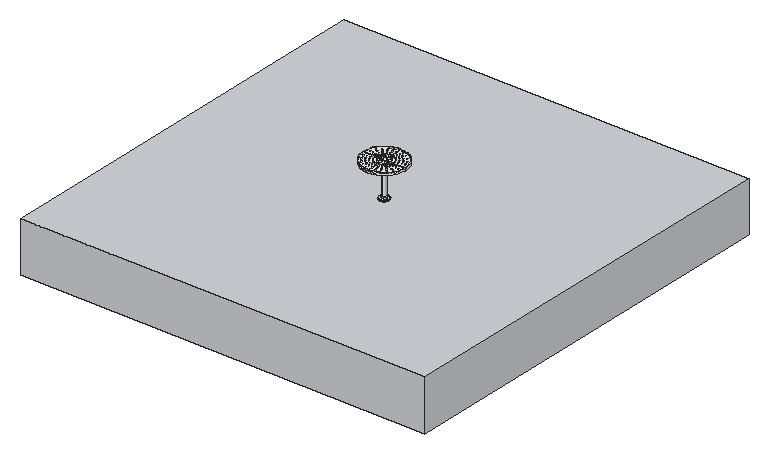
Revit family (continued)
Definition of nested family "13689_Base"
  Automatic sketch dimensions
    Masking region 2 sketch curve to plane 8 "Front" = 0' - 0.48926"  (x2)
    Masking region 2 sketch curve to plane 8 "Front" = 0' - 0.04644"
    level to curve 21 = 0' - 0.02022"
    plane 1 "Center (Front/Back)" to curve 21 = 0' - 0.49543"
    plane 1 "Center (Front/Back)" to curve 22 = 0' - 0.49532"
    curve 22 to plane 1 "Center (Front/Back)" = 0' - 0.49532"
    curve 21 to plane 1 "Center (Front/Back)" = 0' - 0.49543"
    curve 21 to curve 22 = 0' - 0.7319"
    Masking region 3 sketch curve to plane 4 "Left" = 0' - 0"
    Masking region 3 sketch curve to plane 5 "Right" = 0' - 0"
    Masking region 3 sketch curve to plane 7 "Bottom" = 0' - 0"
    Masking region 3 sketch curve to plane 6 "Top" = 0' - 0"
    plane 7 "Bottom" to Masking region 2 sketch curve = 0' - 0.03008"
    Masking region 4 sketch curve to Masking region 4 sketch curve = 0' - 0"  (x2)
    plane 1 "Center (Front/Back)" to Masking region 4 sketch curve = 0' - 0"
    Masking region 4 sketch curve to plane 4 "Left" = 0' - 0"
    Masking region 4 sketch curve to plane 3 "Center (Left/Right)" = 0' - 0"
    Extrusion 2 sketch curve to Extrusion 2 sketch curve = 0' - 0"  (x240)
    plane 1 "Center (Front/Back)" to Extrusion 2 sketch curve = 0' - 0"  (x12)
    Extrusion 2 sketch curve to plane 3 "Center (Left/Right)" = 0' - 0"  (x12)
    plane 3 "Center (Left/Right)" to Extrusion 2 sketch curve = 0' - 0.46361"  (x2)
    Extrusion 2 sketch curve to Extrusion 2 sketch curve = 0' - 0.04146"  (x72)
    plane 3 "Center (Left/Right)" to Extrusion 2 sketch curve = 0' - 0.53944"  (x2)
    Extrusion 2 sketch curve to Extrusion 2 sketch curve = 0' - 0.01518"  (x48)
    Extrusion 2 sketch curve to Extrusion 2 sketch curve = 0' - 0.19203"  (x4)
    Extrusion 2 sketch curve to Extrusion 2 sketch curve = 0' - 0.13843"  (x8)
    Extrusion 2 sketch curve to Extrusion 2 sketch curve = 0' - 0.02932"  (x60)
    Extrusion 2 sketch curve to Extrusion 2 sketch curve = 0' - 0.05864"  (x24)
    Extrusion 2 sketch curve to Extrusion 2 sketch curve = 0' - 0.15452"  (x24)
    Extrusion 2 sketch curve to Extrusion 2 sketch curve = 0' - 0.28372"  (x8)
    Extrusion 2 sketch curve to Extrusion 2 sketch curve = 0' - 0.50267"  (x8)
    Extrusion 2 sketch curve to Extrusion 2 sketch curve = 0' - 0.21771"  (x8)
    Extrusion 2 sketch curve to Extrusion 2 sketch curve = 0' - 0 13/256"  (x60)
    Extrusion 2 sketch curve to Extrusion 2 sketch curve = 0' - 0.59701"  (x16)
    Extrusion 2 sketch curve to Extrusion 2 sketch curve = 0' - 0.2985"  (x24)
    Extrusion 2 sketch curve to Extrusion 2 sketch curve = 0' - 0.43166"  (x8)
    Extrusion 2 sketch curve to Extrusion 2 sketch curve = 0' - 0.33122"  (x8)
    Extrusion 2 sketch curve to Extrusion 2 sketch curve = 0' - 0.42215"  (x24)
    Extrusion 2 sketch curve to Extrusion 2 sketch curve = 0' - 0.20821"  (x8)
    Extrusion 2 sketch curve to Extrusion 2 sketch curve = 0' - 0.05664"  (x48)
    Extrusion 2 sketch curve to Extrusion 2 sketch curve = 0' - 0.07102"  (x4)
    Extrusion 2 sketch curve to Extrusion 2 sketch curve = 0' - 0.51702"  (x24)
    Extrusion 2 sketch curve to Extrusion 2 sketch curve = 0' - 0.57667"  (x24)
    Extrusion 2 sketch curve to plane 3 "Center (Left/Right)" = 0' - 0.46361"  (x2)
    Extrusion 2 sketch curve to plane 3 "Center (Left/Right)" = 0' - 0.53944"  (x2)
    Extrusion 2 sketch curve to plane 1 "Center (Front/Back)" = 0' - 0.46361"  (x2)
    Extrusion 2 sketch curve to plane 1 "Center (Front/Back)" = 0' - 0.53944"  (x2)
    plane 1 "Center (Front/Back)" to Extrusion 2 sketch curve = 0' - 0.46361"  (x2)
    plane 1 "Center (Front/Back)" to Extrusion 2 sketch curve = 0' - 0.53944"  (x2)
    curve 27 to curve 28 = 0' - 0"  (x2)
    curve 29 to curve 30 = 0' - 0"  (x2)
    curve 31 to curve 32 = 0' - 0"  (x2)
    curve 33 to curve 34 = 0' - 0"  (x2)
    curve 35 to curve 36 = 0' - 0"  (x2)
    curve 37 to curve 38 = 0' - 0"  (x2)
    curve 39 to curve 40 = 0' - 0"  (x2)
    curve 41 to curve 42 = 0' - 0"  (x2)
    curve 43 to curve 44 = 0' - 0"  (x2)
    curve 45 to curve 46 = 0' - 0"  (x2)
    curve 47 to curve 48 = 0' - 0"  (x2)
    curve 49 to curve 50 = 0' - 0"  (x2)
    curve 51 to curve 52 = 0' - 0"  (x2)
    curve 53 to curve 54 = 0' - 0"  (x2)
    curve 55 to curve 56 = 0' - 0"  (x2)
    curve 57 to curve 58 = 0' - 0"  (x2)
    curve 59 to curve 60 = 0' - 0"  (x2)
    curve 61 to curve 62 = 0' - 0"  (x2)
    curve 63 to curve 64 = 0' - 0"  (x2)
    curve 65 to curve 66 = 0' - 0"  (x2)
    curve 67 to curve 68 = 0' - 0"  (x2)
    curve 69 to curve 70 = 0' - 0"  (x2)
    curve 71 to curve 72 = 0' - 0"  (x2)
    curve 73 to curve 74 = 0' - 0"  (x2)
    curve 75 to curve 76 = 0' - 0"  (x2)
    curve 77 to curve 78 = 0' - 0"  (x2)
    curve 79 to curve 80 = 0' - 0"  (x2)
    curve 81 to curve 82 = 0' - 0"  (x2)
    curve 83 to curve 84 = 0' - 0"  (x2)
    curve 85 to curve 86 = 0' - 0"  (x2)
    curve 87 to curve 88 = 0' - 0"  (x2)
    curve 89 to curve 90 = 0' - 0"  (x2)
    curve 91 to curve 92 = 0' - 0"  (x2)
    curve 93 to curve 94 = 0' - 0"  (x2)
    curve 95 to curve 96 = 0' - 0"  (x2)
    curve 97 to curve 98 = 0' - 0"  (x2)
    curve 99 to curve 100 = 0' - 0"  (x2)
    curve 101 to curve 102 = 0' - 0"  (x2)
    curve 103 to curve 104 = 0' - 0"  (x2)
    curve 105 to curve 106 = 0' - 0"  (x2)
    curve 107 to curve 108 = 0' - 0"  (x2)
    curve 109 to curve 110 = 0' - 0"  (x2)
    curve 111 to curve 112 = 0' - 0"  (x2)
    curve 113 to curve 114 = 0' - 0"  (x2)
    curve 115 to curve 116 = 0' - 0"  (x2)
    curve 117 to curve 118 = 0' - 0"  (x2)
    curve 119 to curve 120 = 0' - 0"  (x2)
    curve 121 to curve 122 = 0' - 0"  (x2)
    curve 123 to curve 124 = 0' - 0"  (x2)
    curve 125 to curve 126 = 0' - 0"  (x2)
    curve 127 to curve 128 = 0' - 0"  (x2)
    curve 129 to curve 130 = 0' - 0"  (x2)
    curve 131 to curve 132 = 0' - 0"  (x2)
    curve 133 to curve 134 = 0' - 0"  (x2)
    curve 135 to curve 136 = 0' - 0"  (x2)
    curve 137 to curve 138 = 0' - 0"  (x2)
    curve 139 to curve 140 = 0' - 0"  (x2)
    curve 141 to curve 142 = 0' - 0"  (x2)
    curve 143 to curve 144 = 0' - 0"  (x2)
    curve 145 to curve 146 = 0' - 0"  (x2)
    curve 147 to curve 148 = 0' - 0"  (x2)
    curve 149 to curve 150 = 0' - 0"  (x2)
    curve 151 to curve 152 = 0' - 0"  (x2)
    curve 153 to curve 154 = 0' - 0"  (x2)
    curve 155 to curve 156 = 0' - 0"  (x2)
    curve 157 to curve 158 = 0' - 0"  (x2)
    curve 159 to curve 160 = 0' - 0"  (x2)
    curve 161 to curve 162 = 0' - 0"  (x2)
    curve 163 to curve 164 = 0' - 0"  (x2)
    curve 165 to curve 166 = 0' - 0"  (x2)
    curve 167 to curve 168 = 0' - 0"  (x2)
    curve 169 to curve 170 = 0' - 0"  (x2)
    curve 171 to curve 172 = 0' - 0"  (x2)
    curve 173 to curve 174 = 0' - 0"  (x2)
    curve 175 to curve 176 = 0' - 0"  (x2)
    curve 177 to curve 178 = 0' - 0"  (x2)
    curve 179 to curve 180 = 0' - 0"  (x2)
    curve 181 to curve 182 = 0' - 0"  (x2)
    curve 183 to curve 184 = 0' - 0"  (x2)
    curve 185 to curve 186 = 0' - 0"  (x2)
    curve 187 to curve 188 = 0' - 0"  (x2)
    curve 189 to curve 190 = 0' - 0"  (x2)
    curve 191 to curve 192 = 0' - 0"  (x2)
    curve 193 to curve 194 = 0' - 0"  (x2)
    curve 195 to curve 196 = 0' - 0"  (x2)
    curve 197 to curve 198 = 0' - 0"  (x2)
    curve 199 to curve 200 = 0' - 0"  (x2)
    curve 201 to curve 202 = 0' - 0"  (x2)
    curve 203 to curve 204 = 0' - 0"  (x2)
    curve 205 to curve 206 = 0' - 0"  (x2)
    curve 207 to curve 208 = 0' - 0"  (x2)
    curve 209 to curve 210 = 0' - 0"  (x2)
    curve 211 to curve 212 = 0' - 0"  (x2)
    curve 213 to curve 214 = 0' - 0"  (x2)
    curve 215 to curve 216 = 0' - 0"  (x2)
    curve 217 to curve 218 = 0' - 0"  (x2)
    curve 219 to curve 220 = 0' - 0"  (x2)
    curve 221 to curve 222 = 0' - 0"  (x2)
    curve 223 to curve 224 = 0' - 0"  (x2)
    curve 225 to curve 226 = 0' - 0"  (x2)
    curve 227 to curve 228 = 0' - 0"  (x2)
    curve 229 to curve 230 = 0' - 0"  (x2)
    curve 231 to curve 232 = 0' - 0"  (x2)
    curve 233 to curve 234 = 0' - 0"  (x2)
    curve 235 to curve 236 = 0' - 0"  (x2)
    curve 237 to curve 238 = 0' - 0"  (x2)
    curve 239 to curve 240 = 0' - 0"  (x2)
    curve 241 to curve 242 = 0' - 0"  (x2)
    curve 243 to curve 244 = 0' - 0"  (x2)
    curve 245 to curve 246 = 0' - 0"  (x2)
    curve 247 to curve 248 = 0' - 0"  (x2)
    curve 249 to curve 250 = 0' - 0"  (x2)
    curve 251 to curve 252 = 0' - 0"  (x2)
    curve 253 to curve 254 = 0' - 0"  (x2)
    curve 255 to curve 256 = 0' - 0"  (x2)
    curve 257 to curve 258 = 0' - 0"  (x2)
    curve 259 to curve 260 = 0' - 0"  (x2)
    curve 261 to curve 262 = 0' - 0"  (x2)
    curve 263 to curve 264 = 0' - 0"  (x2)
    curve 265 to curve 266 = 0' - 0"  (x2)
    curve 267 to curve 268 = 0' - 0"  (x2)
    plane 1 "Center (Front/Back)" to curve 267 = 0' - 0"
    plane 1 "Center (Front/Back)" to curve 265 = 0' - 0"
    plane 1 "Center (Front/Back)" to curve 264 = 0' - 0"
    plane 1 "Center (Front/Back)" to curve 262 = 0' - 0"
    plane 1 "Center (Front/Back)" to curve 259 = 0' - 0"
    plane 1 "Center (Front/Back)" to curve 258 = 0' - 0"
    plane 1 "Center (Front/Back)" to curve 27 = 0' - 0"
    curve 250 to plane 3 "Center (Left/Right)" = 0' - 0"
    curve 248 to plane 3 "Center (Left/Right)" = 0' - 0"
    curve 252 to plane 3 "Center (Left/Right)" = 0' - 0"
    curve 253 to plane 3 "Center (Left/Right)" = 0' - 0"
    curve 255 to plane 3 "Center (Left/Right)" = 0' - 0"
    curve 246 to plane 3 "Center (Left/Right)" = 0' - 0"
    curve 59 to plane 3 "Center (Left/Right)" = 0' - 0"
    curve 61 to plane 3 "Center (Left/Right)" = 0' - 0"
    curve 27 to plane 3 "Center (Left/Right)" = 0' - 0"
    curve 63 to plane 3 "Center (Left/Right)" = 0' - 0"
    curve 65 to plane 3 "Center (Left/Right)" = 0' - 0"
    curve 67 to plane 3 "Center (Left/Right)" = 0' - 0"
    curve 69 to plane 3 "Center (Left/Right)" = 0' - 0"
    plane 1 "Center (Front/Back)" to curve 89 = 0' - 0"
    plane 1 "Center (Front/Back)" to curve 91 = 0' - 0"
    plane 1 "Center (Front/Back)" to curve 93 = 0' - 0"
    plane 1 "Center (Front/Back)" to curve 96 = 0' - 0"
    plane 1 "Center (Front/Back)" to curve 97 = 0' - 0"
    plane 1 "Center (Front/Back)" to curve 100 = 0' - 0"
    plane 3 "Center (Left/Right)" to curve 28 = 0' - 0.43848"
    plane 3 "Center (Left/Right)" to curve 159 = 0' - 0.46361"
    plane 3 "Center (Left/Right)" to curve 207 = 0' - 0.46361"
    curve 207 to curve 207 = 0' - 0.04146"  (x2)
    curve 159 to curve 160 = 0' - 0.04146"
    plane 3 "Center (Left/Right)" to curve 178 = 0' - 0.53944"
    plane 3 "Center (Left/Right)" to curve 225 = 0' - 0.53944"
    curve 159 to curve 159 = 0' - 0.04146"
    curve 226 to curve 226 = 0' - 0.01518"
    curve 178 to curve 178 = 0' - 0.01518"
    curve 225 to curve 225 = 0' - 0.01518"
    curve 177 to curve 177 = 0' - 0.01518"
    curve 257 to curve 27 = 0' - 0.21717"
    curve 162 to curve 159 = 0' - 0.13843"
    curve 210 to curve 207 = 0' - 0.13843"
    curve 209 to curve 209 = 0' - 0.02932"  (x2)
    curve 258 to curve 257 = 0' - 0.05864"
    curve 162 to curve 161 = 0' - 0.02932"
    curve 175 to curve 177 = 0' - 0.15452"
    curve 223 to curve 225 = 0' - 0.15452"
    curve 224 to curve 224 = 0' - 0.01518"
    curve 175 to curve 176 = 0' - 0.01518"
    curve 161 to curve 161 = 0' - 0.02932"
    curve 223 to curve 223 = 0' - 0.01518"
    curve 175 to curve 175 = 0' - 0.01518"
    curve 221 to curve 223 = 0' - 0.15452"
    curve 174 to curve 176 = 0' - 0.15452"
    curve 174 to curve 174 = 0' - 0.01518"
    curve 222 to curve 222 = 0' - 0.01518"
    curve 222 to curve 221 = 0' - 0.01518"
    curve 173 to curve 173 = 0' - 0.01518"
    curve 157 to curve 162 = 0' - 0.28372"
    curve 206 to curve 210 = 0' - 0.28372"
    curve 158 to curve 157 = 0' - 0.04146"  (x2)
    curve 205 to curve 206 = 0' - 0.04146"
    curve 163 to curve 178 = 0' - 0.50267"
    curve 212 to curve 226 = 0' - 0.50267"
    curve 206 to curve 205 = 0' - 0.04146"
    curve 164 to curve 164 = 0' - 0.02932"
    curve 212 to curve 212 = 0' - 0.02932"
    curve 172 to curve 174 = 0' - 0.15452"
    curve 219 to curve 222 = 0' - 0.15452"
    curve 164 to curve 163 = 0' - 0.02932"
    curve 212 to curve 211 = 0' - 0.02932"
    curve 219 to curve 220 = 0' - 0.01518"
    curve 171 to curve 172 = 0' - 0.01518"
    curve 219 to curve 219 = 0' - 0.01518"
    curve 171 to curve 171 = 0' - 0.01518"
    curve 180 to curve 158 = 0' - 0.21771"
    curve 228 to curve 206 = 0' - 0.21771"
    curve 180 to curve 180 = 0' - 0 13/256"
    curve 228 to curve 227 = 0' - 0 13/256"  (x2)
    curve 180 to curve 179 = 0' - 0 13/256"
    curve 259 to curve 257 = 0' - 0.59701"
    curve 166 to curve 163 = 0' - 0.2985"
    curve 214 to curve 211 = 0' - 0.2985"
    curve 214 to curve 213 = 0' - 0.02932"
    curve 260 to curve 259 = 0' - 0.05864"
    curve 166 to curve 165 = 0' - 0.02932"  (x2)
    curve 213 to curve 213 = 0' - 0.02932"
    curve 204 to curve 212 = 0' - 0.43166"
    curve 156 to curve 164 = 0' - 0.43166"
    curve 156 to curve 156 = 0' - 0.04146"  (x2)
    curve 203 to curve 204 = 0' - 0.04146"
    curve 203 to curve 203 = 0' - 0.04146"
    curve 155 to curve 155 = 0' - 0.04146"
    curve 215 to curve 214 = 0' - 0.2985"
    curve 167 to curve 165 = 0' - 0.2985"
    curve 167 to curve 168 = 0' - 0.02932"
    curve 215 to curve 216 = 0' - 0.02932"
    curve 229 to curve 204 = 0' - 0.33122"
    curve 181 to curve 156 = 0' - 0.33122"
    curve 167 to curve 167 = 0' - 0.02932"
    curve 215 to curve 215 = 0' - 0.02932"
    curve 229 to curve 229 = 0' - 0 13/256"
    curve 181 to curve 181 = 0' - 0 13/256"
    curve 230 to curve 229 = 0' - 0 13/256"
    curve 182 to curve 181 = 0' - 0 13/256"
    curve 202 to curve 203 = 0' - 0.42215"
    curve 153 to curve 155 = 0' - 0.42215"
    curve 237 to curve 229 = 0' - 0.20821"
    curve 189 to curve 181 = 0' - 0.20821"
    curve 154 to curve 153 = 0' - 0.04146"  (x2)
    curve 202 to curve 201 = 0' - 0.04146"  (x2)
    curve 237 to curve 238 = 0' - 0.05664"
    curve 189 to curve 190 = 0' - 0.05664"
    curve 262 to curve 237 = 0' - 0.07102"
    curve 169 to curve 167 = 0' - 0.2985"
    curve 217 to curve 216 = 0' - 0.2985"
    curve 238 to curve 237 = 0' - 0.05664"
    curve 190 to curve 189 = 0' - 0.05664"
    curve 169 to curve 170 = 0' - 0.02932"
    curve 217 to curve 218 = 0' - 0.02932"
    curve 261 to curve 261 = 0' - 0.05864"
    curve 169 to curve 169 = 0' - 0.02932"
    curve 217 to curve 217 = 0' - 0.02932"
    curve 184 to curve 181 = 0' - 0.51702"
    curve 232 to curve 230 = 0' - 0.51702"
    curve 184 to curve 183 = 0' - 0 13/256"
    curve 231 to curve 231 = 0' - 0 13/256"  (x2)
    curve 151 to curve 153 = 0' - 0.42215"
    curve 200 to curve 201 = 0' - 0.42215"  (x2)
    curve 183 to curve 183 = 0' - 0 13/256"
    curve 199 to curve 199 = 0' - 0.04146"  (x2)
    curve 152 to curve 152 = 0' - 0.04146"  (x2)
    curve 151 to curve 151 = 0' - 0.04146"
    curve 239 to curve 237 = 0' - 0.57667"
    curve 191 to curve 189 = 0' - 0.57667"
    curve 240 to curve 240 = 0' - 0.05664"
    curve 192 to curve 192 = 0' - 0.05664"
    curve 263 to curve 261 = 0' - 0.59701"
    curve 239 to curve 239 = 0' - 0.05664"
    curve 191 to curve 191 = 0' - 0.05664"
    curve 264 to curve 263 = 0' - 0.05864"
    curve 149 to curve 151 = 0' - 0.42215"
    curve 197 to curve 199 = 0' - 0.42215"
    curve 198 to curve 198 = 0' - 0.04146"  (x2)
    curve 150 to curve 149 = 0' - 0.04146"  (x2)
    curve 233 to curve 231 = 0' - 0.51702"
    curve 186 to curve 183 = 0' - 0.51702"
    curve 198 to curve 197 = 0' - 0.04146"
    curve 233 to curve 233 = 0' - 0 13/256"
    curve 186 to curve 186 = 0' - 0 13/256"
    curve 234 to curve 233 = 0' - 0 13/256"
    curve 186 to curve 185 = 0' - 0 13/256"
    curve 194 to curve 191 = 0' - 0.57667"
    curve 241 to curve 240 = 0' - 0.57667"
    curve 242 to curve 242 = 0' - 0.05664"
    curve 194 to curve 194 = 0' - 0.05664"
    curve 242 to curve 241 = 0' - 0.05664"
    curve 193 to curve 193 = 0' - 0.05664"
    curve 266 to curve 263 = 0' - 0.59701"
    curve 265 to curve 265 = 0' - 0.05864"
    curve 235 to curve 233 = 0' - 0.51702"
    curve 188 to curve 185 = 0' - 0.51702"
    curve 236 to curve 235 = 0' - 0 13/256"
    curve 187 to curve 188 = 0' - 0 13/256"
    curve 235 to curve 235 = 0' - 0 13/256"
    curve 188 to curve 187 = 0' - 0 13/256"
    curve 244 to curve 242 = 0' - 0.57667"
    curve 196 to curve 194 = 0' - 0.57667"
    curve 244 to curve 244 = 0' - 0.05664"
    curve 195 to curve 196 = 0' - 0.05664"
    curve 196 to curve 195 = 0' - 0.05664"
    curve 243 to curve 243 = 0' - 0.05664"
    curve 268 to curve 265 = 0' - 0.59701"
    curve 267 to curve 267 = 0' - 0.05864"
    curve 40 to plane 3 "Center (Left/Right)" = 0' - 0.46361"
    curve 111 to plane 3 "Center (Left/Right)" = 0' - 0.46361"
    curve 39 to curve 39 = 0' - 0.04146"  (x2)
    curve 112 to curve 112 = 0' - 0.04146"  (x2)
    curve 57 to plane 3 "Center (Left/Right)" = 0' - 0.53944"
    curve 129 to plane 3 "Center (Left/Right)" = 0' - 0.53944"
    curve 111 to curve 112 = 0' - 0.04146"
    curve 58 to curve 57 = 0' - 0.01518"
    curve 130 to curve 130 = 0' - 0.01518"
    curve 57 to curve 57 = 0' - 0.01518"
    curve 129 to curve 130 = 0' - 0.01518"
    curve 27 to curve 89 = 0' - 0.21717"
    curve 111 to curve 113 = 0' - 0.13843"
    curve 39 to curve 41 = 0' - 0.13843"
    curve 89 to curve 89 = 0' - 0.05864"
    curve 41 to curve 41 = 0' - 0.02932"  (x2)
    curve 113 to curve 114 = 0' - 0.02932"
    curve 57 to curve 55 = 0' - 0.15452"
    curve 129 to curve 128 = 0' - 0.15452"
    curve 56 to curve 56 = 0' - 0.01518"
    curve 128 to curve 128 = 0' - 0.01518"
    curve 113 to curve 113 = 0' - 0.02932"
    curve 127 to curve 127 = 0' - 0.01518"
    curve 55 to curve 56 = 0' - 0.01518"
    curve 55 to curve 53 = 0' - 0.15452"
    curve 128 to curve 126 = 0' - 0.15452"
    curve 54 to curve 53 = 0' - 0.01518"
    curve 126 to curve 126 = 0' - 0.01518"
    curve 53 to curve 53 = 0' - 0.01518"
    curve 125 to curve 126 = 0' - 0.01518"
    curve 42 to curve 38 = 0' - 0.28372"
    curve 114 to curve 110 = 0' - 0.28372"
    curve 37 to curve 37 = 0' - 0.04146"  (x2)
    curve 109 to curve 109 = 0' - 0.04146"  (x2)
    curve 58 to curve 43 = 0' - 0.50267"
    curve 130 to curve 115 = 0' - 0.50267"
    curve 37 to curve 38 = 0' - 0.04146"
    curve 109 to curve 110 = 0' - 0.04146"
    curve 44 to curve 44 = 0' - 0.02932"
    curve 116 to curve 116 = 0' - 0.02932"
    curve 126 to curve 123 = 0' - 0.15452"
    curve 54 to curve 52 = 0' - 0.15452"
    curve 115 to curve 115 = 0' - 0.02932"
    curve 43 to curve 43 = 0' - 0.02932"
    curve 52 to curve 52 = 0' - 0.01518"
    curve 124 to curve 123 = 0' - 0.01518"
    curve 51 to curve 52 = 0' - 0.01518"
    curve 123 to curve 124 = 0' - 0.01518"
    curve 110 to curve 131 = 0' - 0.21771"
    curve 38 to curve 71 = 0' - 0.21771"
    curve 71 to curve 71 = 0' - 0 13/256"
    curve 131 to curve 131 = 0' - 0 13/256"
    curve 131 to curve 132 = 0' - 0 13/256"
    curve 71 to curve 72 = 0' - 0 13/256"
    curve 89 to curve 91 = 0' - 0.59701"
    curve 115 to curve 117 = 0' - 0.2985"
    curve 44 to curve 45 = 0' - 0.2985"
    curve 117 to curve 117 = 0' - 0.02932"
    curve 91 to curve 91 = 0' - 0.05864"
    curve 45 to curve 46 = 0' - 0.02932"  (x2)
    curve 117 to curve 118 = 0' - 0.02932"
    curve 44 to curve 35 = 0' - 0.43166"
    curve 116 to curve 108 = 0' - 0.43166"
    curve 107 to curve 107 = 0' - 0.04146"  (x3)
    curve 36 to curve 36 = 0' - 0.04146"  (x2)
    curve 35 to curve 35 = 0' - 0.04146"
    curve 118 to curve 119 = 0' - 0.2985"
    curve 45 to curve 48 = 0' - 0.2985"
    curve 119 to curve 120 = 0' - 0.02932"
    curve 47 to curve 48 = 0' - 0.02932"
    curve 108 to curve 133 = 0' - 0.33122"
    curve 36 to curve 73 = 0' - 0.33122"
    curve 119 to curve 119 = 0' - 0.02932"
    curve 47 to curve 47 = 0' - 0.02932"
    curve 133 to curve 134 = 0' - 0 13/256"  (x2)
    curve 73 to curve 73 = 0' - 0 13/256"
    curve 73 to curve 74 = 0' - 0 13/256"
    curve 107 to curve 106 = 0' - 0.42215"  (x2)
    curve 35 to curve 34 = 0' - 0.42215"
    curve 73 to curve 81 = 0' - 0.20821"
    curve 133 to curve 141 = 0' - 0.20821"
    curve 105 to curve 106 = 0' - 0.04146"  (x2)
    curve 33 to curve 33 = 0' - 0.04146"  (x3)
    curve 81 to curve 81 = 0' - 0.05664"
    curve 142 to curve 142 = 0' - 0.05664"
    curve 141 to curve 93 = 0' - 0.07102"
    curve 120 to curve 122 = 0' - 0.2985"
    curve 48 to curve 49 = 0' - 0.2985"
    curve 81 to curve 82 = 0' - 0.05664"
    curve 141 to curve 142 = 0' - 0.05664"
    curve 93 to curve 94 = 0' - 0.05864"
    curve 121 to curve 121 = 0' - 0.02932"  (x2)
    curve 50 to curve 49 = 0' - 0.02932"
    curve 49 to curve 49 = 0' - 0.02932"
    curve 74 to curve 76 = 0' - 0.51702"
    curve 133 to curve 136 = 0' - 0.51702"
    curve 135 to curve 136 = 0' - 0 13/256"  (x2)
    curve 75 to curve 76 = 0' - 0 13/256"  (x2)
    curve 106 to curve 103 = 0' - 0.42215"
    curve 33 to curve 32 = 0' - 0.42215"
    curve 32 to curve 31 = 0' - 0.04146"
    curve 104 to curve 104 = 0' - 0.04146"  (x2)
    curve 31 to curve 31 = 0' - 0.04146"
    curve 103 to curve 104 = 0' - 0.04146"
    curve 82 to curve 84 = 0' - 0.57667"
    curve 141 to curve 143 = 0' - 0.57667"
    curve 84 to curve 84 = 0' - 0.05664"
    curve 144 to curve 144 = 0' - 0.05664"  (x2)
    curve 93 to curve 96 = 0' - 0.59701"
    curve 83 to curve 84 = 0' - 0.05664"
    curve 95 to curve 96 = 0' - 0.05864"
    curve 31 to curve 30 = 0' - 0.42215"
    curve 103 to curve 102 = 0' - 0.42215"  (x2)
    curve 29 to curve 29 = 0' - 0.04146"  (x2)
    curve 102 to curve 102 = 0' - 0.04146"  (x2)
    curve 75 to curve 78 = 0' - 0.51702"
    curve 135 to curve 138 = 0' - 0.51702"
    curve 101 to curve 101 = 0' - 0.04146"
    curve 29 to curve 30 = 0' - 0.04146"
    curve 77 to curve 78 = 0' - 0 13/256"  (x2)
    curve 138 to curve 137 = 0' - 0 13/256"
    curve 137 to curve 138 = 0' - 0 13/256"
    curve 83 to curve 86 = 0' - 0.57667"
    curve 144 to curve 146 = 0' - 0.57667"
    curve 86 to curve 85 = 0' - 0.05664"
    curve 146 to curve 145 = 0' - 0.05664"
    curve 145 to curve 146 = 0' - 0.05664"
    curve 85 to curve 86 = 0' - 0.05664"
    curve 95 to curve 97 = 0' - 0.59701"
    curve 97 to curve 98 = 0' - 0.05864"
    curve 77 to curve 79 = 0' - 0.51702"
    curve 137 to curve 140 = 0' - 0.51702"
    curve 140 to curve 139 = 0' - 0 13/256"
    curve 80 to curve 80 = 0' - 0 13/256"
    curve 79 to curve 80 = 0' - 0 13/256"
    curve 139 to curve 139 = 0' - 0 13/256"
    curve 86 to curve 88 = 0' - 0.57667"
    curve 146 to curve 147 = 0' - 0.57667"
    curve 148 to curve 147 = 0' - 0.05664"
    curve 88 to curve 88 = 0' - 0.05664"
    curve 87 to curve 87 = 0' - 0.05664"
    curve 147 to curve 147 = 0' - 0.05664"
    curve 97 to curve 100 = 0' - 0.59701"
    curve 99 to curve 99 = 0' - 0.05864"
    curve 40 to plane 1 "Center (Front/Back)" = 0' - 0.46361"
    curve 207 to plane 1 "Center (Front/Back)" = 0' - 0.46361"
    curve 40 to curve 39 = 0' - 0.04146"
    curve 208 to curve 207 = 0' - 0.04146"
    curve 237 to plane 1 "Center (Front/Back)" = 0' - 0.53944"
    curve 82 to plane 1 "Center (Front/Back)" = 0' - 0.53944"
    curve 237 to curve 238 = 0' - 0.01518"
    curve 81 to curve 81 = 0' - 0.01518"
    curve 60 to curve 39 = 0' - 0.19203"
    curve 72 to curve 40 = 0' - 0.13843"
    curve 227 to curve 208 = 0' - 0.13843"
    curve 71 to curve 71 = 0' - 0.02932"
    curve 228 to curve 227 = 0' - 0.02932"
    curve 59 to curve 59 = 0' - 0.05864"
    curve 84 to curve 82 = 0' - 0.15452"
    curve 240 to curve 237 = 0' - 0.15452"
    curve 83 to curve 84 = 0' - 0.01518"
    curve 239 to curve 240 = 0' - 0.01518"
    curve 241 to curve 240 = 0' - 0.15452"
    curve 86 to curve 83 = 0' - 0.15452"
    curve 242 to curve 242 = 0' - 0.01518"
    curve 86 to curve 86 = 0' - 0.01518"
    curve 37 to curve 71 = 0' - 0.28372"
    curve 206 to curve 228 = 0' - 0.28372"
    curve 206 to curve 206 = 0' - 0.04146"
    curve 73 to curve 81 = 0' - 0.50267"
    curve 230 to curve 238 = 0' - 0.50267"
    curve 230 to curve 229 = 0' - 0.02932"
    curve 74 to curve 73 = 0' - 0.02932"
    curve 88 to curve 86 = 0' - 0.15452"
    curve 244 to curve 242 = 0' - 0.15452"
    curve 243 to curve 244 = 0' - 0.01518"
    curve 88 to curve 88 = 0' - 0.01518"
    curve 209 to curve 205 = 0' - 0.21771"
    curve 42 to curve 37 = 0' - 0.21771"
    curve 41 to curve 41 = 0' - 0 13/256"
    curve 210 to curve 209 = 0' - 0 13/256"
    curve 62 to curve 59 = 0' - 0.59701"
    curve 231 to curve 230 = 0' - 0.2985"
    curve 76 to curve 74 = 0' - 0.2985"
    curve 232 to curve 231 = 0' - 0.02932"
    curve 61 to curve 61 = 0' - 0.05864"
    curve 75 to curve 75 = 0' - 0.02932"
    curve 35 to curve 74 = 0' - 0.43166"
    curve 203 to curve 230 = 0' - 0.43166"
    curve 204 to curve 204 = 0' - 0.04146"
    curve 234 to curve 231 = 0' - 0.2985"
    curve 77 to curve 76 = 0' - 0.2985"
    curve 77 to curve 77 = 0' - 0.02932"
    curve 233 to curve 233 = 0' - 0.02932"
    curve 44 to curve 35 = 0' - 0.33122"
    curve 212 to curve 203 = 0' - 0.33122"
    curve 43 to curve 44 = 0' - 0 13/256"
    curve 211 to curve 212 = 0' - 0 13/256"
    curve 201 to curve 203 = 0' - 0.42215"
    curve 34 to curve 35 = 0' - 0.42215"
    curve 58 to curve 43 = 0' - 0.20821"
    curve 225 to curve 211 = 0' - 0.20821"
    curve 201 to curve 201 = 0' - 0.04146"
    curve 58 to curve 58 = 0' - 0.05664"
    curve 225 to curve 226 = 0' - 0.05664"
    curve 64 to curve 57 = 0' - 0.07102"
    curve 236 to curve 233 = 0' - 0.2985"
    curve 79 to curve 77 = 0' - 0.2985"
    curve 79 to curve 80 = 0' - 0.02932"
    curve 235 to curve 235 = 0' - 0.02932"
    curve 63 to curve 63 = 0' - 0.05864"
    curve 46 to curve 44 = 0' - 0.51702"
    curve 214 to curve 211 = 0' - 0.51702"
    curve 213 to curve 213 = 0' - 0 13/256"
    curve 45 to curve 45 = 0' - 0 13/256"
    curve 31 to curve 33 = 0' - 0.42215"
    curve 200 to curve 199 = 0' - 0.04146"
    curve 32 to curve 32 = 0' - 0.04146"
    curve 56 to curve 57 = 0' - 0.57667"
    curve 223 to curve 225 = 0' - 0.57667"
    curve 223 to curve 224 = 0' - 0.05664"
    curve 56 to curve 55 = 0' - 0.05664"
    curve 65 to curve 63 = 0' - 0.59701"
    curve 65 to curve 65 = 0' - 0.05864"
    curve 29 to curve 31 = 0' - 0.42215"
    curve 198 to curve 199 = 0' - 0.42215"
    curve 48 to curve 45 = 0' - 0.51702"
    curve 215 to curve 214 = 0' - 0.51702"
    curve 48 to curve 47 = 0' - 0 13/256"
    curve 215 to curve 216 = 0' - 0 13/256"
    curve 221 to curve 223 = 0' - 0.57667"
    curve 54 to curve 55 = 0' - 0.57667"
    curve 54 to curve 54 = 0' - 0.05664"
    curve 221 to curve 222 = 0' - 0.05664"
    curve 68 to curve 65 = 0' - 0.59701"
    curve 67 to curve 67 = 0' - 0.05864"
    curve 50 to curve 48 = 0' - 0.51702"
    curve 217 to curve 216 = 0' - 0.51702"
    curve 218 to curve 218 = 0' - 0 13/256"
    curve 49 to curve 50 = 0' - 0 13/256"
    curve 220 to curve 222 = 0' - 0.57667"
    curve 51 to curve 54 = 0' - 0.57667"
    curve 220 to curve 220 = 0' - 0.05664"
    curve 51 to curve 52 = 0' - 0.05664"
    curve 70 to curve 67 = 0' - 0.59701"
    curve 70 to curve 69 = 0' - 0.05864"
    plane 1 "Center (Front/Back)" to curve 159 = 0' - 0.46361"
    plane 1 "Center (Front/Back)" to curve 112 = 0' - 0.46361"
    curve 160 to curve 160 = 0' - 0.04146"
    plane 1 "Center (Front/Back)" to curve 141 = 0' - 0.53944"
    plane 1 "Center (Front/Back)" to curve 189 = 0' - 0.53944"
    curve 190 to curve 190 = 0' - 0.01518"
    curve 142 to curve 141 = 0' - 0.01518"
    curve 111 to curve 245 = 0' - 0.19203"
    curve 160 to curve 179 = 0' - 0.13843"
    curve 112 to curve 131 = 0' - 0.13843"
    curve 180 to curve 180 = 0' - 0.02932"
    curve 131 to curve 132 = 0' - 0.02932"
    curve 245 to curve 245 = 0' - 0.05864"
    curve 189 to curve 192 = 0' - 0.15452"
    curve 141 to curve 144 = 0' - 0.15452"
    curve 144 to curve 144 = 0' - 0.01518"
    curve 192 to curve 191 = 0' - 0.01518"
    curve 191 to curve 193 = 0' - 0.15452"
    curve 144 to curve 145 = 0' - 0.15452"
    curve 194 to curve 193 = 0' - 0.01518"
    curve 146 to curve 145 = 0' - 0.01518"
    curve 132 to curve 109 = 0' - 0.28372"
    curve 180 to curve 157 = 0' - 0.28372"
    curve 158 to curve 158 = 0' - 0.04146"
    curve 142 to curve 134 = 0' - 0.50267"
    curve 190 to curve 182 = 0' - 0.50267"
    curve 133 to curve 134 = 0' - 0.02932"
    curve 181 to curve 182 = 0' - 0.02932"
    curve 146 to curve 148 = 0' - 0.15452"
    curve 194 to curve 196 = 0' - 0.15452"
    curve 196 to curve 196 = 0' - 0.01518"
    curve 148 to curve 147 = 0' - 0.01518"
    curve 109 to curve 113 = 0' - 0.21771"
    curve 157 to curve 162 = 0' - 0.21771"
    curve 113 to curve 113 = 0' - 0 13/256"
    curve 162 to curve 161 = 0' - 0 13/256"
    curve 245 to curve 247 = 0' - 0.59701"
    curve 133 to curve 136 = 0' - 0.2985"
    curve 181 to curve 184 = 0' - 0.2985"
    curve 183 to curve 183 = 0' - 0.02932"
    curve 247 to curve 247 = 0' - 0.05864"
    curve 135 to curve 136 = 0' - 0.02932"
    curve 182 to curve 156 = 0' - 0.43166"
    curve 134 to curve 108 = 0' - 0.43166"
    curve 183 to curve 185 = 0' - 0.2985"
    curve 135 to curve 137 = 0' - 0.2985"
    curve 186 to curve 186 = 0' - 0.02932"
    curve 138 to curve 137 = 0' - 0.02932"
    curve 155 to curve 163 = 0' - 0.33122"
    curve 107 to curve 116 = 0' - 0.33122"
    curve 164 to curve 163 = 0' - 0 13/256"
    curve 116 to curve 116 = 0' - 0 13/256"
    curve 155 to curve 153 = 0' - 0.42215"
    curve 115 to curve 130 = 0' - 0.20821"
    curve 163 to curve 177 = 0' - 0.20821"
    curve 105 to curve 105 = 0' - 0.04146"
    curve 153 to curve 153 = 0' - 0.04146"
    curve 178 to curve 177 = 0' - 0.05664"
    curve 130 to curve 129 = 0' - 0.05664"
    curve 129 to curve 250 = 0' - 0.07102"
    curve 185 to curve 187 = 0' - 0.2985"
    curve 137 to curve 139 = 0' - 0.2985"
    curve 140 to curve 139 = 0' - 0.02932"
    curve 249 to curve 250 = 0' - 0.05864"
    curve 188 to curve 187 = 0' - 0.02932"
    curve 163 to curve 165 = 0' - 0.51702"
    curve 115 to curve 118 = 0' - 0.51702"
    curve 166 to curve 166 = 0' - 0 13/256"
    curve 117 to curve 117 = 0' - 0 13/256"
    curve 153 to curve 152 = 0' - 0.42215"
    curve 106 to curve 104 = 0' - 0.42215"
    curve 177 to curve 176 = 0' - 0.57667"
    curve 129 to curve 128 = 0' - 0.57667"
    curve 176 to curve 176 = 0' - 0.05664"
    curve 128 to curve 128 = 0' - 0.05664"
    curve 249 to curve 252 = 0' - 0.59701"
    curve 251 to curve 251 = 0' - 0.05864"
    curve 151 to curve 149 = 0' - 0.42215"
    curve 149 to curve 150 = 0' - 0.04146"
    curve 118 to curve 120 = 0' - 0.51702"
    curve 165 to curve 168 = 0' - 0.51702"
    curve 168 to curve 168 = 0' - 0 13/256"
    curve 119 to curve 119 = 0' - 0 13/256"
    curve 128 to curve 126 = 0' - 0.57667"
    curve 175 to curve 174 = 0' - 0.57667"
    curve 174 to curve 174 = 0' - 0.05664"
    curve 126 to curve 125 = 0' - 0.05664"
    curve 251 to curve 254 = 0' - 0.59701"
    curve 253 to curve 254 = 0' - 0.05864"
    curve 167 to curve 170 = 0' - 0.51702"
    curve 120 to curve 122 = 0' - 0.51702"
    curve 170 to curve 170 = 0' - 0 13/256"
    curve 121 to curve 122 = 0' - 0 13/256"
    curve 174 to curve 172 = 0' - 0.57667"
    curve 126 to curve 123 = 0' - 0.57667"
    curve 124 to curve 124 = 0' - 0.05664"
    curve 172 to curve 171 = 0' - 0.05664"
    curve 253 to curve 255 = 0' - 0.59701"
    curve 255 to curve 256 = 0' - 0.05864"
Definition of nested family "Arm_Base"
  Parameters (values of type "Arm_Base")
    Finish = none
  Reference planes (in)
    plane 1 "Center (Front/Back)": y = 0
    plane 2 "Back": z = 0
    plane 3 "Center (Left/Right)": x = 0
    plane 4 "Left": x = -1.11966
    plane 5 "Right": x = 1.11966
    plane 6 "Top": y = 1.11875
    plane 7 "Bottom": y = -1.11875
    plane 8 "Front": z = 5.50422
  Forms (in)
    Revolve 1, solid, material <- "Finish", detail levels fine
      sketch origin (0, 0, 0) x (0, 1, 0) y (0, 0, 1)
        loop
          line (0, 0) -> (1.08268, 0)
          arc (1.08268, 0) -> (1.10633, 0.01275) -> (1.11875, 0.03656) r 0.04577
          line (1.11875, 0.03656) -> (1.11981, 0.12736)
          arc (1.11981, 0.12736) -> (1.11198, 0.15194) -> (1.09104, 0.16701) r 0.04105
          line (1.09104, 0.16701) -> (0.67241, 0.28771)
          arc (0.67241, 0.28771) -> (0.62937, 0.31842) -> (0.6105, 0.36782) r 0.09154
          line (0.6105, 0.36782) -> (0.60966, 0.63286)
          arc (0.60966, 0.63286) -> (0.59288, 0.67277) -> (0.55272, 0.68897) r 0.05629
          line (0.55272, 0.68897) -> (0.40625, 0.68897) -> (0.40625, 5.50422) -> (0, 5.50422) -> (0, 0)
        axis (0, 5.50422) -> (0, 0)
      angle from 0 to 360
    Extrusion 2, void
      sketch origin (0, 0, 0) x (1, 0, 0) y (0, 1, 0)
        loop
          circle (0, 0) r 0.5
      from 0 to 0.16701
  Cuts and joins
    Extrusion 2 cuts Revolve 1
  Lines and regions (in)
    Masking region 1, detail levels medium+fine
      outline origin (0, 0, 0) x (0, 1, 0) y (0, 0, 1)
        loop
          arc (1.08268, 0) -> (1.10612, 0.01295) -> (1.11875, 0.03656) r 0.0472
          line (1.11875, 0.03656) -> (1.11875, 0.13327)
          arc (1.11875, 0.13327) -> (1.11093, 0.1551) -> (1.09104, 0.16701) r 0.03439
          line (1.09104, 0.16701) -> (0.67241, 0.28771)
          arc (0.67241, 0.28771) -> (0.62836, 0.31764) -> (0.6105, 0.36782) r 0.08568
          line (0.6105, 0.36782) -> (0.60968, 0.6326)
          arc (0.60968, 0.6326) -> (0.59291, 0.67262) -> (0.55272, 0.68897) r 0.05654
          line (0.55272, 0.68897) -> (0.40625, 0.68897) -> (0.40625, 5.50422) -> (-0.40625, 5.50422) -> (-0.40625, 0.68897) -> (-0.55272, 0.68897)
          arc (-0.55272, 0.68897) -> (-0.59291, 0.67262) -> (-0.60968, 0.6326) r 0.05654
          line (-0.60968, 0.6326) -> (-0.6105, 0.36782)
          arc (-0.6105, 0.36782) -> (-0.62836, 0.31764) -> (-0.67241, 0.28771) r 0.08568
          line (-0.67241, 0.28771) -> (-1.09104, 0.16701)
          arc (-1.09104, 0.16701) -> (-1.11093, 0.1551) -> (-1.11875, 0.13327) r 0.03439
          line (-1.11875, 0.13327) -> (-1.11875, 0.03656)
          arc (-1.11875, 0.03656) -> (-1.10612, 0.01295) -> (-1.08268, 0) r 0.0472
          line (-1.08268, 0) -> (1.08268, 0)
    Masking region 2, detail levels medium+fine
      outline origin (0, 0, 0) x (1, 0, 0) y (0, 0, 1)
        loop
          arc (-1.11966, 0.03656) -> (-1.10653, 0.01313) -> (-1.0831, 0) r 0.04956
          line (-1.0831, 0) -> (1.0831, 0)
          arc (1.0831, 0) -> (1.10653, 0.01313) -> (1.11966, 0.03656) r 0.04956
          line (1.11966, 0.03656) -> (1.11966, 0.12906)
          arc (1.11966, 0.12906) -> (1.11206, 0.15234) -> (1.09227, 0.16676) r 0.0398
          line (1.09227, 0.16676) -> (0.67241, 0.28771)
          arc (0.67241, 0.28771) -> (0.62835, 0.31764) -> (0.6105, 0.36782) r 0.08566
          line (0.6105, 0.36782) -> (0.60964, 0.63275)
          arc (0.60964, 0.63275) -> (0.59287, 0.6727) -> (0.55272, 0.68897) r 0.0564
          line (0.55272, 0.68897) -> (0.40642, 0.68897) -> (0.40642, 5.50422) -> (-0.40642, 5.50422) -> (-0.40642, 0.68897) -> (-0.55272, 0.68897)
          arc (-0.55272, 0.68897) -> (-0.59287, 0.6727) -> (-0.60964, 0.63275) r 0.0564
          line (-0.60964, 0.63275) -> (-0.6105, 0.36782)
          arc (-0.6105, 0.36782) -> (-0.62835, 0.31764) -> (-0.67241, 0.28771) r 0.08566
          line (-0.67241, 0.28771) -> (-1.09227, 0.16676)
          arc (-1.09227, 0.16676) -> (-1.11206, 0.15234) -> (-1.11966, 0.12906) r 0.0398
          line (-1.11966, 0.12906) -> (-1.11966, 0.03656)
    symbolic lines, style "Masking Lines", detail levels fine
      curve 1: line (0, 0.40625, 0.68897) -> (0, -0.40625, 0.68897)
      curve 2: line (0, 0.6105, 0.36782) -> (0, -0.6105, 0.36782)
      curve 3: line (0, 1.09104, 0.16701) -> (0, -1.09104, 0.16701)
      curve 4: line (0, 1.11875, 0.03656) -> (0, -1.11875, 0.03656)
      curve 5: line (-0.40642, 0, 0.68897) -> (0.40642, 0, 0.68897)
      curve 6: line (-0.6105, 0, 0.36782) -> (0.6105, 0, 0.36782)
      curve 7: line (-1.09227, 0, 0.16676) -> (1.09227, 0, 0.16676)
      curve 8: line (-1.11966, 0, 0.03656) -> (1.11966, 0, 0.03656)
  Dimensions and locks (in)
    equal spacing: plane 4 "Left", plane 3 "Center (Left/Right)", plane 5 "Right"
    equal spacing: plane 6 "Top", plane 1 "Center (Front/Back)", plane 7 "Bottom"
    plane 4 "Left" to plane 5 "Right" = 0' - 2.23932"
    plane 6 "Top" to plane 7 "Bottom" = 0' - 2.2375"
    plane 8 "Front" to plane 2 "Back" = 0' - 5.50422"
    aligned and locked: plane 2 "Back" to level
  Automatic sketch dimensions
    Revolve 1 sketch curve to level = 0' - 0"
    Revolve 1 sketch curve to plane 1 "Center (Front/Back)" = 0' - 0"  (x2)
    Revolve 1 sketch curve to plane 1 "Center (Front/Back)" = 0' - 0 13/32"
    Revolve 1 sketch curve to Revolve 1 sketch curve = 0' - 0.14647"
    Revolve 1 sketch curve to Revolve 1 sketch curve = 0' - 0.00065"
    Revolve 1 sketch curve to Revolve 1 sketch curve = 0' - 0.05629"
    Revolve 1 sketch curve to Revolve 1 sketch curve = 0' - 0.00084"
    Revolve 1 sketch curve to Revolve 1 sketch curve = 0' - 0.06192"
    Revolve 1 sketch curve to Revolve 1 sketch curve = 0' - 0.0913"
    level to Revolve 1 sketch curve = 0' - 0.04489"
    Revolve 1 sketch curve to Revolve 1 sketch curve = 0' - 0.40133"
    Revolve 1 sketch curve to Revolve 1 sketch curve = 0' - 0.00501"
    Revolve 1 sketch curve to Revolve 1 sketch curve = 0' - 0.00894"
    level to Revolve 1 sketch curve = 0' - 0.16701"
    Revolve 1 sketch curve to Revolve 1 sketch curve = 0' - 0.01228"
    level to Revolve 1 sketch curve = 0' - 0.03656"
    Revolve 1 sketch curve to Revolve 1 sketch curve = 0' - 0.04105"
    Revolve 1 sketch curve to level = 2' - 0"
    Revolve 1 sketch curve to Revolve 1 sketch curve = 0' - 0.03965"
    level to Revolve 1 sketch curve = 0' - 0.28771"
    Revolve 1 sketch curve to Revolve 1 sketch curve = 0' - 0.08011"
    Revolve 1 sketch curve to Revolve 1 sketch curve = 0' - 0.26486"
    Revolve 1 sketch curve to Revolve 1 sketch curve = 0' - 0.00018"
    Revolve 1 sketch curve to plane 8 "Front" = 0' - 0"
    plane 8 "Front" to Revolve 1 sketch curve = 7' - 2.27586"
    Masking region 1 sketch curve to plane 7 "Bottom" = 0' - 0"
    Masking region 1 sketch curve to level = 0' - 0"
    Masking region 1 sketch curve to plane 8 "Front" = 0' - 0"
    Masking region 1 sketch curve to plane 6 "Top" = 0' - 0"
    plane 7 "Bottom" to Masking region 1 sketch curve = 0' - 0.02771"
    Masking region 1 sketch curve to Masking region 1 sketch curve = 0' - 0.00667"
    plane 7 "Bottom" to Masking region 1 sketch curve = 0' - 0.03607"
    plane 7 "Bottom" to Masking region 1 sketch curve = 0' - 0.04622"
    plane 7 "Bottom" to Masking region 1 sketch curve = 0' - 0.4226"
    Masking region 1 sketch curve to Masking region 1 sketch curve = 0' - 0.02374"
    Masking region 1 sketch curve to Masking region 1 sketch curve = 0' - 0.08566"  (x2)
    Masking region 1 sketch curve to Masking region 1 sketch curve = 0' - 0.00081"  (x2)
    Masking region 1 sketch curve to Masking region 1 sketch curve = 0' - 0.05654"  (x2)
    Masking region 1 sketch curve to Masking region 1 sketch curve = 0' - 0.00043"  (x2)
    plane 1 "Center (Front/Back)" to Masking region 1 sketch curve = 0' - 0 13/32"
    Masking region 1 sketch curve to plane 1 "Center (Front/Back)" = 0' - 0 13/32"
    Masking region 1 sketch curve to Masking region 1 sketch curve = 0' - 0.14647"
    level to Masking region 1 sketch curve = 0' - 0.28771"  (x2)
    Masking region 1 sketch curve to Masking region 1 sketch curve = 0' - 0.06192"
    Masking region 1 sketch curve to plane 6 "Top" = 0' - 0.04622"
    Masking region 1 sketch curve to plane 6 "Top" = 0' - 0.03607"
    Masking region 1 sketch curve to plane 6 "Top" = 0' - 0.03439"
    Masking region 1 sketch curve to plane 6 "Top" = 0' - 0.02771"
    level to Masking region 1 sketch curve = 0' - 0.03656"  (x2)
    Masking region 1 sketch curve to Masking region 1 sketch curve = 0' - 0.09671"  (x2)
    Masking region 1 sketch curve to Masking region 1 sketch curve = 0' - 0.08011"  (x2)
    Masking region 1 sketch curve to Masking region 1 sketch curve = 0' - 0.26461"  (x2)
    Masking region 1 sketch curve to Masking region 1 sketch curve = 0' - 0.00017"  (x2)
    curve 4 to plane 7 "Bottom" = 0' - 0"
    curve 4 to plane 6 "Top" = 0' - 0"
    plane 7 "Bottom" to curve 3 = 0' - 0.02771"
    plane 7 "Bottom" to curve 2 = 0' - 0.50825"
    curve 2 to curve 1 = 0' - 0.20425"
    curve 1 to plane 1 "Center (Front/Back)" = 0' - 0 13/32"
    curve 1 to curve 2 = 0' - 0.20425"
    curve 3 to plane 6 "Top" = 0' - 0.02771"
    level to curve 4 = 0' - 0.03656"
    curve 4 to curve 3 = 0' - 0.13045"
    level to curve 2 = 0' - 0.36782"
    curve 2 to curve 1 = 0' - 0.32115"
    Masking region 2 sketch curve to plane 4 "Left" = 0' - 0"
    Masking region 2 sketch curve to level = 0' - 0"
    Masking region 2 sketch curve to plane 8 "Front" = 0' - 0"
    plane 5 "Right" to Masking region 2 sketch curve = 0' - 0"
    plane 4 "Left" to Masking region 2 sketch curve = 0' - 0.02739"
    plane 4 "Left" to Masking region 2 sketch curve = 0' - 0.03656"
    plane 4 "Left" to Masking region 2 sketch curve = 0' - 0.0398"
    plane 4 "Left" to Masking region 2 sketch curve = 0' - 0.04818"
    plane 4 "Left" to Masking region 2 sketch curve = 0' - 0.42354"
    level to Masking region 2 sketch curve = 0' - 0.28771"  (x2)
    Masking region 2 sketch curve to Masking region 2 sketch curve = 0' - 0.02371"
    Masking region 2 sketch curve to Masking region 2 sketch curve = 0' - 0.08563"  (x2)
    Masking region 2 sketch curve to Masking region 2 sketch curve = 0' - 0.00086"  (x2)
    Masking region 2 sketch curve to Masking region 2 sketch curve = 0' - 0.0564"  (x2)
    Masking region 2 sketch curve to Masking region 2 sketch curve = 0' - 0.00052"  (x2)
    Masking region 2 sketch curve to plane 3 "Center (Left/Right)" = 0' - 0.40642"
    plane 3 "Center (Left/Right)" to Masking region 2 sketch curve = 0' - 0.40642"
    Masking region 2 sketch curve to Masking region 2 sketch curve = 0' - 0.1463"
    Masking region 2 sketch curve to Masking region 2 sketch curve = 0' - 0.06192"
    plane 5 "Right" to Masking region 2 sketch curve = 0' - 0.04818"
    plane 5 "Right" to Masking region 2 sketch curve = 0' - 0.0398"
    plane 5 "Right" to Masking region 2 sketch curve = 0' - 0.03656"
    plane 5 "Right" to Masking region 2 sketch curve = 0' - 0.02739"
    level to Masking region 2 sketch curve = 0' - 0.03656"  (x2)
    Masking region 2 sketch curve to Masking region 2 sketch curve = 0' - 0.08077"  (x2)
    Masking region 2 sketch curve to Masking region 2 sketch curve = 0' - 0.00012"  (x2)
    Masking region 2 sketch curve to Masking region 2 sketch curve = 0' - 0.08011"  (x2)
    Masking region 2 sketch curve to Masking region 2 sketch curve = 0' - 0.26475"  (x2)
    Masking region 2 sketch curve to Masking region 2 sketch curve = 0' - 0.00018"  (x2)
    curve 8 to plane 4 "Left" = 0' - 0"
    plane 5 "Right" to curve 8 = 0' - 0"
    plane 4 "Left" to curve 7 = 0' - 0.02739"
    plane 4 "Left" to curve 6 = 0' - 0.50916"
    curve 6 to curve 5 = 0' - 0.20407"
    plane 3 "Center (Left/Right)" to curve 5 = 0' - 0.40642"
    curve 5 to curve 6 = 0' - 0.20407"
    plane 5 "Right" to curve 7 = 0' - 0.02739"
    level to curve 8 = 0' - 0.03656"
    curve 8 to curve 7 = 0' - 0.1302"
    level to curve 6 = 0' - 0.36782"
    curve 6 to curve 5 = 0' - 0.32115"
    plane 1 "Center (Front/Back)" to Extrusion 2 sketch curve = 0' - 0"
    Extrusion 2 sketch curve to plane 3 "Center (Left/Right)" = 0' - 0"
    radius of Extrusion 2 sketch curve = 0' - 0 1/2"
Types (7): name | Width | Height | Finish
  (no name) | 0' - 10" | 0' - 10" | Metal-Kohler-CP-Polished Chrome
  Metal-BGD-Vibrant_Moderne_Brushed_Gold | 0' - 8" | 0' - 8" | Metal-Kohler-BGD-Vibrant Moderne Brushed Gold
  Metal-BN-Vibrant_Brushed_Nickel | 0' - 8" | 0' - 8" | Metal-Kohler-BN-Vibrant Brushed Nickel
  Metal-BV-Vibrant_Brushed_Bronze | 0' - 8" | 0' - 8" | Metal-Kohler-BV-Vibrant Brushed Bronze
  Metal-CP-Polished_Chrome | 0' - 10" | 0' - 10" | Metal-Kohler-CP-Polished Chrome
  Metal-PGD-Vibrant_Moderne_Polished_Gold | 0' - 8" | 0' - 8" | Metal-Kohler-PGD-Vibrant Moderne Polished Gold
  Metal-SN-Vibrant_Polished_Nickel | 0' - 8" | 0' - 8" | Metal-Kohler-SN-Vibrant Polished Nickel
